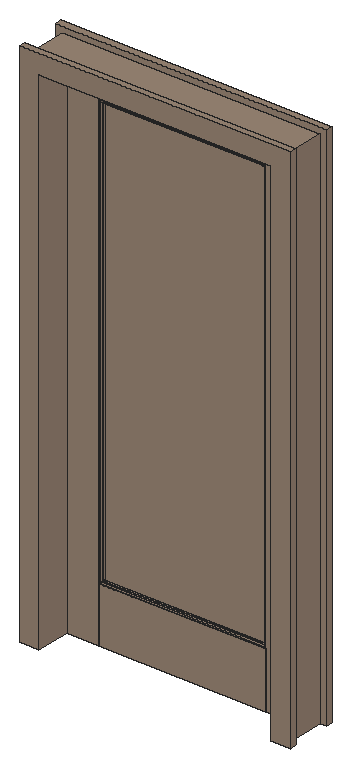
Revit family "Door-Exterior-Simpson-Traditional-Solid_Panel", category Doors, host Wall, Revit 2012
Parameters (values of type "SEE CATALOG")
  Wood Species Note = "Available in Any Wood Species"
  Wood Species = "http://simpsondoor.com/e-catalog/#10"
  WaterBarrier with UltraBlock Technology = no
  WaterBarrier Note = "This Door Comes with The Option of WaterBarrier with UltraBlock Technology. It is Turn Off as a Default"
  UltraBlock Option = yes
  UltraBlock Note = "This Door Comes with The Option of UltraBlock Technology. It is Turn On as a Default"
  URL = "http://www.simpsondoor.com/"
  Top Rail Height = 3 15/16"
  Thickness = 1 3/4"  # constant formula
  Rough Width = Width - (Frame Width * 2)  # 30"
  Rough Height = Height - Frame Width  # 77"
  Product Page URL = "http://www.simpsondoor.com/door-products/exterior/traditional-doors/"
  Product Documentation Link = "http://www.simpsondoor.com/technical-information/detail-drawings/6000/S-6170-102-608.5-0700.pdf"
  Panel Thickness = 3/4"
  Panel Stile Width = 5"
  Panel = Wood - Simpson Doors - Douglas Fir
  Model = "6173"
  Manufacturer = "Simpson Door Company"  # constant formula
  Height = 80"
  Function = 1
  Frame Width = 3"
  Frame = Wood - Simpson Doors - Douglas Fir
  Description = "Door"
  Default Sill Height = 0"  # constant formula
  Wall Closure = (empty or 0)
  Width = 36"
  Bottom Rail Height = 8 11/16"
  Assembly Code = "B2030230"
Values of the unnamed type that differ from the named types
  Wall Closure = By host
Reference planes (in)
  plane 1 "Center (Front/Back)": y = 0
  plane 2: z = 0
  plane 3 "Center (Left/Right)": x = 0
  plane 4 "Left": x = -18
  plane 5 "Right": x = 18
  plane 6 "Sill": z = 0
  plane 7 "Top": z = 80
Lines and regions (in)
  Opening 1
    outline origin (-60, -3, 0) x (1, 0, 0) y (0, 0, 1)
      loop
        line (42, 80) -> (42, 0) -> (78, 0) -> (78, 80) -> (42, 80)
Text (in)
  text "EXTERIOR" at (-58.6888, 50.90694, 0), in view "Ref. Level"
  text "INTERIOR" at (-58.6888, -37.76638, 0), in view "Ref. Level"
  text "Exterior" at (0, 43.65631, 123.19604), in view "Left"
  text "Exterior" at (0, 18.29385, 125.04747), in view "Right"
Dimensions and locks (in)
  equal spacing: plane 4 "Left", plane 3 "Center (Left/Right)", plane 5 "Right"
  "Width": plane 4 "Left" to plane 5 "Right"
  "Height": plane 6 "Sill" to plane 7 "Top"
  "Default Sill Height": plane 2 to plane 6 "Sill"
  aligned and locked: plane 7 "Top" to Opening 1 sketch curve
  aligned and locked: plane 6 "Sill" to Opening 1 sketch curve  (x2)
  aligned and locked: plane 5 "Right" to Opening 1 sketch curve
  aligned and locked: plane 4 "Left" to Opening 1 sketch curve
  aligned and locked: level to plane 2
  aligned and locked: plane 3 "Center (Left/Right)" to nested 1
  aligned and locked: nested 2 to plane 4 "Left"
  aligned and locked: nested 3 to plane 3 "Center (Left/Right)"
  aligned and locked: host wall to nested 1
  aligned and locked: nested 4 to nested 1
  aligned and locked: nested 1 to nested 1
  aligned and locked: plane 6 "Sill" to nested 3
Nested families (in)
  nested 1: "Traditional-Door_Edge" at (0, 2.125, 0), type "Panel"
  nested 2: "Single Swing Door" at (0, 0, 0) x (-1, 0, 0) z (0, 0, 1), type "Swing"
    with Side Offset 5"
  nested 3: "Frame" at (0, 0, 0) x (-1, 0, 0) z (0, 0, 1), type "Standard"
    with Rough Height 82", Function 1, Height 80"
  nested 4: "Traditional-Solid_Panel" at (0, 2.125, 0), type "Panel"
Definition of nested family "Traditional-Door_Edge"
  Parameters (values of type "Panel")
    Width = 36"
    Top Offset = 3 15/16"
    Thickness = 1 3/4"
    Side Offset = 5"
    Panel Material = Wood - Simpson Doors - Douglas Fir
    Height = 80"
    Bottom Offset = 8 11/16"
  Reference planes (in)
    plane 1 "Center (Front/Back)": y = 0
    plane 2 "Bottom": z = 0
    plane 3 "Center (Left/Right)": x = 0
    plane 4: x = -18
    plane 5: y = 0.875
    plane 6: x = 18
    plane 7: y = -0.875
    plane 8: z = 80
    plane 9: x = 13
    plane 10: x = -13
    plane 11: z = 76.0625
    plane 12: y = -0.375
    plane 13: y = 0.375
    plane 14: z = 8.6875
  Forms (in)
    Extrusion 1, solid, material "Wood - Simpson Doors - Douglas Fir" <- "Panel Material"
      sketch origin (0, 0, 0) x (1, 0, 0) y (0, 0, 1)
        loop
          line (-18, 80) -> (-18, 0) -> (-13, 0) -> (-13, 80) -> (-18, 80)
        loop
          line (18, 80) -> (13, 80) -> (13, 0) -> (18, 0) -> (18, 80)
      from -0.875 to 0.875
    Extrusion 2, solid, material "Wood - Simpson Doors - Douglas Fir" <- "Panel Material"
      sketch origin (0, -0.875, 0) x (1, 0, 0) y (0, 0, 1)
        loop
          line (-13, 80) -> (-13, 76.0625) -> (13, 76.0625) -> (13, 80) -> (-13, 80)
        loop
          line (-13, 8.6875) -> (-13, 0) -> (13, 0) -> (13, 8.6875) -> (-13, 8.6875)
      from -1.75 to 0
  Dimensions and locks (in)
    equal spacing: plane 5, plane 1 "Center (Front/Back)", plane 7
    equal spacing: plane 4, plane 3 "Center (Left/Right)", plane 6
    "Width": plane 4 to plane 6
    "Thickness": plane 5 to plane 7
    "Height": plane 8 to level
    "Side Offset": plane 10 to plane 4
    "Top Offset": plane 8 to plane 11
    equal spacing: plane 13, plane 1 "Center (Front/Back)", plane 12
    plane 13 to plane 12 = 3/4"
    "Bottom Offset": plane 14 to plane 2 "Bottom"
    "Side Offset": plane 6 to plane 9
    aligned and locked: plane 2 "Bottom" to level
    aligned and locked: Extrusion 1 sketch curve to plane 4
    aligned and locked: Extrusion 1 sketch curve to plane 6
    aligned and locked: Extrusion 1 sketch curve to level  (x2)
    aligned and locked: Extrusion 1 sketch curve to plane 8  (x2)
    aligned and locked: plane 5 to Extrusion 1
    aligned and locked: Extrusion 1 to plane 7
    aligned and locked: Extrusion 1 to plane 9
    aligned and locked: Extrusion 2 sketch curve to Extrusion 1  (x2)
    aligned and locked: Extrusion 1 to Extrusion 2 sketch curve  (x2)
    aligned and locked: plane 11 to Extrusion 2 sketch curve
    aligned and locked: Extrusion 2 sketch curve to plane 9
    aligned and locked: Extrusion 2 sketch curve to plane 14
    aligned and locked: plane 10 to Extrusion 2 sketch curve
    aligned and locked: plane 5 to Extrusion 2
    aligned and locked: Extrusion 2 to plane 7
  Automatic sketch dimensions
    Extrusion 1 sketch curve to plane 10 = 0"
    Extrusion 1 sketch curve to plane 9 = 0"
Definition of nested family "Frame"
  Parameters (values of type "Standard")
    Rough Width = Width + 4"  # 40"
    Rough Height = Height + 2"  # 86"
    Function = (empty or 0)
    Frame Projection Ext. = 1"
    Frame Projection Int. = Frame Projection Ext.  # 1"
    Frame Width = 3"
    Height = 84"
    Wall Closure = (empty or 0)
    Width = 36"
    Frame = none
  Reference planes (in)
    plane 1 "Center (Front/Back)": y = 0
    plane 2 "Center (Left/Right)": x = 0
    plane 3 "Left": x = -18
    plane 4 "Right": x = 18
    plane 5 "Top": z = 84
    plane 6 "Exterior": y = 3
    plane 7 "Interior": y = -3
    plane 8: x = -21
    plane 9: x = 21
    plane 10: x = -20
    plane 11: x = 20
    plane 12: z = 86
    plane 13 "Bottom": z = 0
  Forms (in)
    Extrusion 1, solid, material <- "Frame"
      sketch origin (-90, 3, 0) x (-1, 0, 0) y (0, 0, 1)
        loop
          line (-108, 84) -> (-72, 84) -> (-72, 0) -> (-69, 0) -> (-69, 87) -> (-111, 87) -> (-111, 0) -> (-108, 0) -> (-108, 84)
      from 0 to 1
    Extrusion 2, solid, material <- "Frame"
      sketch origin (-90, -3, 0) x (1, 0, 0) y (0, 0, 1)
        loop
          line (72, 0) -> (72, 84) -> (108, 84) -> (108, 0) -> (111, 0) -> (111, 87) -> (69, 87) -> (69, 0) -> (72, 0)
      from 0 to 1
    Sweep 3, solid, material <- "Frame"
      path in 3D
        loop
          line (18, 4, 0) -> (18, 4, 84) -> (-18, 4, 84) -> (-18, 4, 0)
      profile origin (-18, 4, 42) x (1, 0, 0) y (0, 1, 0)
        loop
          line (0, -7) -> (0, -1) -> (-2, -1) -> (-2, -7) -> (0, -7)
  Cuts and joins
    joined: Extrusion 1, Extrusion 2, Sweep 3
  Lines and regions (in)
    Opening 1
      outline origin (-90, -3, 0) x (1, 0, 0) y (0, 0, 1)
        loop
          line (70, 0) -> (110, 0) -> (110, 86) -> (70, 86) -> (70, 0)
    Masking region 1, detail levels medium+fine
      outline origin (0, 0, 0) x (1, 0, 0) y (0, 1, 0)
        loop
          line (-18, 4) -> (-21, 4) -> (-21, 3) -> (-20, 3) -> (-20, -3) -> (-21, -3) -> (-21, -4) -> (-18, -4) -> (-18, 4)
        loop
          line (21, 4) -> (18, 4) -> (18, -4) -> (21, -4) -> (21, -3) -> (20, -3) -> (20, 3) -> (21, 3) -> (21, 4)
    Masking region 2, detail levels coarse
      outline origin (0, 0, 0) x (1, 0, 0) y (0, 1, 0)
        loop
          line (-18, 3) -> (-20, 3) -> (-20, -3) -> (-18, -3) -> (-18, 3)
        loop
          line (20, 3) -> (18, 3) -> (18, -3) -> (20, -3) -> (20, 3)
    sketch lines
      curve 1: line (-18, 4, 84) -> (-18, 4, 0)
      curve 2: line (18, 4, 84) -> (-18, 4, 84)
      curve 3: line (18, 4, 0) -> (18, 4, 84)
  Text (in)
    text "Exterior" at (-74.96733, 27.31104, 0), in view "Ref. Level"
    text "Interior" at (-74.96733, -25.14366, 0), in view "Ref. Level"
    text "Exterior" at (0, 40.15149, 123.01588), in view "Right"
    text "Interior" at (0, -64.39139, 123.01588), in view "Right"
    text "Interior" at (0, -31.01599, 123.00693), in view "Left"
    text "Exterior" at (0, 54.57065, 123.00693), in view "Left"
  Dimensions and locks (in)
    equal spacing: plane 3 "Left", plane 2 "Center (Left/Right)", plane 4 "Right"
    "Height": level to plane 5 "Top"
    "Frame Width": Extrusion 2 sketch curve to plane 3 "Left"
    "Frame Width": Extrusion 2 sketch curve to plane 4 "Right"
    "Frame Width": Extrusion 2 sketch curve to plane 5 "Top"
    "Frame Width": Extrusion 1 sketch curve to Extrusion 1 sketch curve  (x2)
    "Frame Width": Extrusion 1 sketch curve to plane 5 "Top"
    host wall to plane 5 "Top" = 84"
    "Frame Projection Int.": Extrusion 2 to host wall
    "Frame Projection Ext.": Extrusion 1 to host wall
    "Width": plane 3 "Left" to plane 4 "Right"
    "Frame Width": plane 8 to plane 3 "Left"
    "Frame Width": plane 4 "Right" to plane 9
    equal spacing: plane 10, plane 2 "Center (Left/Right)", plane 11
    "Rough Width": plane 10 to plane 11
    "Rough Height": level to plane 12
    aligned and locked: Opening 1 sketch curve to level
    aligned and locked: plane 5 "Top" to Extrusion 1 sketch curve  (x2)
    aligned and locked: plane 3 "Left" to Extrusion 1 sketch curve
    aligned and locked: Extrusion 1 sketch curve to plane 3 "Left"
    aligned and locked: level to Extrusion 1 sketch curve
    aligned and locked: plane 4 "Right" to Extrusion 1 sketch curve
    aligned and locked: Extrusion 1 to host wall
    aligned and locked: plane 3 "Left" to Extrusion 2 sketch curve
    aligned and locked: plane 5 "Top" to Extrusion 2 sketch curve  (x2)
    aligned and locked: plane 4 "Right" to Extrusion 2 sketch curve  (x2)
    aligned and locked: level to Extrusion 2 sketch curve
    aligned and locked: Extrusion 2 sketch curve to level
    aligned and locked: Extrusion 2 to host wall
    aligned and locked: plane 6 "Exterior" to host wall
    aligned and locked: plane 7 "Interior" to host wall
    aligned and locked: Opening 1 sketch curve to plane 11
    aligned and locked: plane 10 to Opening 1 sketch curve
    aligned and locked: Opening 1 sketch curve to plane 12
    aligned and locked: Sweep 3 sketch curve to plane 7 "Interior"
    aligned and locked: plane 13 "Bottom" to level
    aligned and locked: cut or joined group of Extrusion 1, Extrusion 2, Sweep 3 to Masking region 1 sketch curve  (x2)
    aligned and locked: Masking region 1 sketch curve to plane 3 "Left"
    aligned and locked: Masking region 1 sketch curve to plane 8  (x2)
    aligned and locked: Masking region 1 sketch curve to cut or joined group of Extrusion 1, Extrusion 2, Sweep 3  (x2)
    aligned and locked: Masking region 1 sketch curve to plane 7 "Interior"  (x2)
    aligned and locked: Masking region 1 sketch curve to plane 10
    aligned and locked: Masking region 1 sketch curve to plane 6 "Exterior"  (x2)
    aligned and locked: Masking region 1 sketch curve to plane 4 "Right"
    aligned and locked: plane 9 to Masking region 1 sketch curve  (x2)
    aligned and locked: plane 11 to Masking region 1 sketch curve
    aligned and locked: Masking region 2 sketch curve to plane 6 "Exterior"  (x2)
    aligned and locked: Masking region 2 sketch curve to plane 7 "Interior"  (x2)
    aligned and locked: Masking region 2 sketch curve to plane 3 "Left"
    aligned and locked: Masking region 2 sketch curve to plane 10
    aligned and locked: Masking region 2 sketch curve to plane 4 "Right"
    aligned and locked: plane 11 to Masking region 2 sketch curve
  Automatic sketch dimensions
    Extrusion 1 sketch curve to level = 0"
    Extrusion 2 sketch curve to level = 0"
    profile plane to Sweep 3 sketch curve = 1"
    profile plane to Sweep 3 sketch curve = 0"
    Sweep 3 sketch curve to profile plane = 2"
Definition of nested family "Traditional-Solid_Panel"
  Parameters (values of type "Panel")
    Window Width = Width - (Side Offset * 2)  # 26"
    Window Thickness = 3/4"
    Window Height = 18 1/2"
    Width = 36"
    Top Offset = 3 15/16"
    Thickness = 1 3/4"
    Side Offset = 5"
    Panel Material = Wood - Simpson Doors - Douglas Fir
    Insert Height = Height - Top Offset - Bottom Offset  # 67 3/8"
    Height = 80"
    Bottom Offset = 8 11/16"
  Reference planes (in)
    plane 1 "Center (Front/Back)": y = 0
    plane 2 "Bottom": z = 0
    plane 3 "Center (Left/Right)": x = 0
    plane 4: x = -18
    plane 5: y = 0.875
    plane 6: x = 18
    plane 7: y = -0.875
    plane 8: z = 80
    plane 9: x = 13
    plane 10: x = -13
    plane 11: z = 76.0625
    plane 12: y = -0.375
    plane 13: y = 0.375
    plane 14: z = 8.6875
  Forms (in)
    Extrusion 1, solid, material "Wood - Simpson Doors - Douglas Fir" <- "Panel Material"
      sketch origin (0, 0, 0) x (1, 0, 0) y (0, 0, 1)
        loop
          line (-13, 76.0625) -> (-13, 8.6875) -> (13, 8.6875) -> (13, 76.0625) -> (-13, 76.0625)
      from -0.375 to 0.375
    Sweep 2, solid, material "Wood - Simpson Doors - Douglas Fir" <- "Panel Material", detail levels medium+fine
      path origin (0, 0, 0) x (1, 0, 0) y (0, 0, 1)
        loop
          line (-13, 76.0625) -> (-13, 8.6875) -> (13, 8.6875) -> (13, 76.0625) -> (-13, 76.0625)
      profile "Traditional-Edge_Detail : Edge" origin (0, 0, 76.0625) x (0, 0, 1) y (0, -1, 0)
        loop
          line (-0.5, -0.375) -> (-0.49011, -0.48805)
          arc (-0.49011, -0.48805) -> (-0.46951, -0.53378) -> (-0.42492, -0.55675) r 0.07606
          line (-0.42492, -0.55675) -> (-0.37471, -0.5638)
          arc (-0.37471, -0.5638) -> (-0.33618, -0.68241) -> (-0.22747, -0.7435) r 0.17139
          line (-0.22747, -0.7435) -> (0, -0.77547) -> (0, -0.375) -> (-0.5, -0.375)
    Sweep 3, solid, material "Wood - Simpson Doors - Douglas Fir" <- "Panel Material", detail levels medium+fine
      path origin (0, 0, 0) x (1, 0, 0) y (0, 0, -1)
        loop
          line (-13, -76.0625) -> (13, -76.0625) -> (13, -8.6875) -> (-13, -8.6875) -> (-13, -76.0625)
      profile "Traditional-Edge_Detail : Edge" origin (0, 0, 76.0625) x (0, 0, -1) y (0, 1, 0)
        loop
          line (0.5, -0.375) -> (0, -0.375) -> (0, -0.77547) -> (0.22747, -0.7435)
          arc (0.22747, -0.7435) -> (0.33618, -0.68241) -> (0.37471, -0.5638) r 0.17139
          line (0.37471, -0.5638) -> (0.42492, -0.55675)
          arc (0.42492, -0.55675) -> (0.46951, -0.53378) -> (0.49011, -0.48805) r 0.07606
          line (0.49011, -0.48805) -> (0.5, -0.375)
  Dimensions and locks (in)
    equal spacing: plane 5, plane 1 "Center (Front/Back)", plane 7
    equal spacing: plane 4, plane 3 "Center (Left/Right)", plane 6
    "Width": plane 4 to plane 6
    "Thickness": plane 5 to plane 7
    "Height": plane 8 to level
    "Side Offset": plane 10 to plane 4
    "Top Offset": plane 8 to plane 11
    "Window Width": plane 9 to plane 10
    equal spacing: plane 13, plane 1 "Center (Front/Back)", plane 12
    "Window Thickness": plane 13 to plane 12
    "Bottom Offset": plane 14 to plane 2 "Bottom"
    aligned and locked: plane 2 "Bottom" to level
    aligned and locked: Extrusion 1 sketch curve to plane 11
    aligned and locked: Extrusion 1 to plane 9
    aligned and locked: Extrusion 1 to plane 12
    aligned and locked: Extrusion 1 to plane 13
    aligned and locked: Sweep 2 sketch curve to Extrusion 1  (x4)
    aligned and locked: plane 9 to Sweep 3 sketch curve
    aligned and locked: plane 11 to Sweep 3 sketch curve
    aligned and locked: Sweep 3 sketch curve to plane 10
    aligned and locked: Sweep 3 sketch curve to plane 14
  Automatic sketch dimensions
    Extrusion 1 sketch curve to plane 10 = 0"
    Extrusion 1 sketch curve to plane 9 = 0"
    Extrusion 1 sketch curve to plane 14 = 0"
Definition of nested family "Single Swing Door"
  Parameters (values of type "Swing")
    Width = 36"
    Thickness = 1 3/4"
    Side Offset = 8"
    Height = 80"
    Frame Projection Ext. = 1"
    Frame Projection Int. = 1"
    Frame Width = 3"
    Wall Closure = (empty or 0)
  Reference planes (in)
    plane 1 "Center (Front/Back)": y = 0
    plane 2 "Center (Left/Right)": x = 0
    plane 3 "Left": x = -18
    plane 4 "Right": x = 18
    plane 5 "Top": z = 80
    plane 6 "Exterior": y = 3
    plane 7 "Interior": y = -3
    plane 8 "Outside Interior": y = -4
  Lines and regions (in)
    symbolic lines, style "DoorsPanelProjection"
      curve 1: line (18, -3, 0) -> (18, -39, 0)
      curve 2: line (18, -39, 0) -> (16.25, -39, 0)
      curve 3: line (16.25, -39, 0) -> (16.25, -3, 0)
    symbolic lines
      curve 4: line (16.25, -3, 0) -> (18, -3, 0)
    symbolic lines, style "Plan Swing"
      curve 5: arc (18, -39, 0) -> (-7.45584, -28.45584, 0) -> (-18, -3, 0) r 36
    symbolic lines, style "Elevation Swing"
      curve 6: line (18, 3, 40) -> (-18, 3, 80)
      curve 7: line (-18, 3, 0) -> (18, 3, 40)
      curve 8: line (18, -4, 40) -> (-18, -4, 80)
      curve 9: line (-18, -4, 0) -> (18, -4, 40)
    symbolic lines, style "DoorsGlassProjection", detail levels medium+fine
      curve 10: line (16.25, -31, 0) -> (18, -31, 0)
      curve 11: line (16.25, -11, 0) -> (18, -11, 0)
      curve 12: line (17.125, -11, 0) -> (17.125, -31, 0)
  Text (in)
    text "Exterior" at (-74.96733, 27.31104, 0), in view "Ref. Level"
    text "Interior" at (-74.96733, -25.14366, 0), in view "Ref. Level"
    text "Exterior" at (0, 40.15149, 123.01588), in view "Right"
    text "Interior" at (0, -64.39139, 123.01588), in view "Right"
    text "Interior" at (0, -31.01599, 123.00693), in view "Left"
    text "Exterior" at (0, 54.57065, 123.00693), in view "Left"
  Dimensions and locks (in)
    equal spacing: plane 3 "Left", plane 2 "Center (Left/Right)", plane 4 "Right"
    "Height": level to plane 5 "Top"
    "Width": plane 3 "Left" to plane 4 "Right"
    equal spacing: host wall, curve 7, plane 5 "Top"
    "Width": curve 2 to plane 7 "Interior"
    "Thickness": curve 3 to curve 1
    equal spacing: plane 5 "Top", curve 9, level
    locked: plane 8 "Outside Interior" to plane 7 "Interior" at 1
    "Side Offset": curve 10 to curve 2
    "Side Offset": curve 11 to host wall
    aligned and locked: plane 6 "Exterior" to host wall
    aligned and locked: plane 7 "Interior" to host wall
    aligned and locked: plane 7 "Interior" to curve 4
    aligned and locked: plane 7 "Interior" to curve 5
    aligned and locked: plane 4 "Right" to curve 5
    aligned and locked: plane 4 "Right" to curve 6
    aligned and locked: plane 3 "Left" to curve 6
    aligned and locked: plane 5 "Top" to curve 6
    aligned and locked: level to curve 7
    aligned and locked: plane 3 "Left" to curve 7
    aligned and locked: curve 11 to curve 12
    aligned and locked: curve 10 to curve 12
    aligned and locked: curve 3 to curve 11
    aligned and locked: curve 1 to curve 11
  Automatic sketch dimensions
    curve 9 to level = 0"
    plane 3 "Left" to curve 8 = 0"
    curve 8 to plane 5 "Top" = 0"
    plane 4 "Right" to curve 9 = 0"
    plane 3 "Left" to curve 9 = 0"
    curve 10 to curve 12 = 7/8"
Types in the file's own list only (72): name | Top Rail Height | Rough Width | Rough Height | Product Documentation Link | Panel Thickness | Panel Stile Width | Model | Height | Function | Description | Wall Closure | Width | Bottom Rail Height
  20 Traditional 12x80 | 4 1/16" | 6" | 77" | "http://www.simpsondoor.com/door-products/search/detail/?BaseSpecificationID=2332" | 5/8" | 4 1/8" | "20" | 80" | Exterior | "Traditional - Single Panel" | By host | 12" | 8 13/16"
  20 Traditional 12x84 | 6 1/16" | 6" | 81" | "http://www.simpsondoor.com/door-products/search/detail/?BaseSpecificationID=2332" | 5/8" | 4 1/8" | "20" | 84" | Exterior | "Traditional - Single Panel" | By host | 12" | 10 13/16"
  20 Traditional 12x96 | 4 1/16" | 6" | 93" | "http://www.simpsondoor.com/door-products/search/detail/?BaseSpecificationID=2332" | 5/8" | 4 1/8" | "20" | 96" | Exterior | "Traditional - Single Panel" | By host | 12" | 8 13/16"
  20 Traditional 22x80 | 4 1/16" | 16" | 77" | "http://www.simpsondoor.com/door-products/search/detail/?BaseSpecificationID=2332" | 5/8" | 4 1/8" | "20" | 80" | Exterior | "Traditional - Single Panel" | By host | 22" | 8 13/16"
  20 Traditional 22x84 | 6 1/16" | 16" | 81" | "http://www.simpsondoor.com/door-products/search/detail/?BaseSpecificationID=2332" | 5/8" | 4 1/8" | "20" | 84" | Exterior | "Traditional - Single Panel" | By host | 22" | 10 13/16"
  20 Traditional 22x96 | 4 1/16" | 16" | 93" | "http://www.simpsondoor.com/door-products/search/detail/?BaseSpecificationID=2332" | 5/8" | 4 1/8" | "20" | 96" | Exterior | "Traditional - Single Panel" | By host | 22" | 8 13/16"
  20 Traditional 24x80 | 4 1/16" | 18" | 77" | "http://www.simpsondoor.com/door-products/search/detail/?BaseSpecificationID=2332" | 5/8" | 4 1/8" | "20" | 80" | Exterior | "Traditional - Single Panel" | By host | 24" | 8 13/16"
  20 Traditional 24x84 | 6 1/16" | 18" | 81" | "http://www.simpsondoor.com/door-products/search/detail/?BaseSpecificationID=2332" | 5/8" | 4 1/8" | "20" | 84" | Exterior | "Traditional - Single Panel" | By host | 24" | 10 13/16"
  20 Traditional 24x96 | 4 1/16" | 18" | 93" | "http://www.simpsondoor.com/door-products/search/detail/?BaseSpecificationID=2332" | 5/8" | 4 1/8" | "20" | 96" | Exterior | "Traditional - Single Panel" | By host | 24" | 8 13/16"
  20 Traditional 26x80 | 4 1/16" | 20" | 77" | "http://www.simpsondoor.com/door-products/search/detail/?BaseSpecificationID=2332" | 5/8" | 4 1/8" | "20" | 80" | Exterior | "Traditional - Single Panel" | By host | 26" | 8 13/16"
  20 Traditional 26x84 | 6 1/16" | 20" | 81" | "http://www.simpsondoor.com/door-products/search/detail/?BaseSpecificationID=2332" | 5/8" | 4 1/8" | "20" | 84" | Exterior | "Traditional - Single Panel" | By host | 26" | 10 13/16"
  20 Traditional 26x96 | 4 1/16" | 20" | 93" | "http://www.simpsondoor.com/door-products/search/detail/?BaseSpecificationID=2332" | 5/8" | 4 1/8" | "20" | 96" | Exterior | "Traditional - Single Panel" | By host | 26" | 8 13/16"
  20 Traditional 28x80 | 4 1/16" | 22" | 77" | "http://www.simpsondoor.com/door-products/search/detail/?BaseSpecificationID=2332" | 5/8" | 4 1/8" | "20" | 80" | Exterior | "Traditional - Single Panel" | By host | 28" | 8 13/16"
  20 Traditional 28x84 | 6 1/16" | 22" | 81" | "http://www.simpsondoor.com/door-products/search/detail/?BaseSpecificationID=2332" | 5/8" | 4 1/8" | "20" | 84" | Exterior | "Traditional - Single Panel" | By host | 28" | 10 13/16"
  20 Traditional 28x96 | 4 1/16" | 22" | 93" | "http://www.simpsondoor.com/door-products/search/detail/?BaseSpecificationID=2332" | 5/8" | 4 1/8" | "20" | 96" | Exterior | "Traditional - Single Panel" | By host | 28" | 8 13/16"
  20 Traditional 30x80 | 4 1/16" | 24" | 77" | "http://www.simpsondoor.com/door-products/search/detail/?BaseSpecificationID=2332" | 5/8" | 4 1/8" | "20" | 80" | Exterior | "Traditional - Single Panel" | By host | 30" | 8 13/16"
  20 Traditional 30x84 | 6 1/16" | 24" | 81" | "http://www.simpsondoor.com/door-products/search/detail/?BaseSpecificationID=2332" | 5/8" | 4 1/8" | "20" | 84" | Exterior | "Traditional - Single Panel" | By host | 30" | 10 13/16"
  20 Traditional 30x96 | 4 1/16" | 24" | 93" | "http://www.simpsondoor.com/door-products/search/detail/?BaseSpecificationID=2332" | 5/8" | 4 1/8" | "20" | 96" | Exterior | "Traditional - Single Panel" | By host | 30" | 8 13/16"
  20 Traditional 32x80 | 4 1/16" | 26" | 77" | "http://www.simpsondoor.com/door-products/search/detail/?BaseSpecificationID=2332" | 5/8" | 4 1/8" | "20" | 80" | Exterior | "Traditional - Single Panel" | By host | 32" | 8 13/16"
  20 Traditional 32x84 | 6 1/16" | 26" | 81" | "http://www.simpsondoor.com/door-products/search/detail/?BaseSpecificationID=2332" | 5/8" | 4 1/8" | "20" | 84" | Exterior | "Traditional - Single Panel" | By host | 32" | 10 13/16"
  20 Traditional 32x96 | 4 1/16" | 26" | 93" | "http://www.simpsondoor.com/door-products/search/detail/?BaseSpecificationID=2332" | 5/8" | 4 1/8" | "20" | 96" | Exterior | "Traditional - Single Panel" | By host | 32" | 8 13/16"
  20 Traditional 34x80 | 4 1/16" | 28" | 77" | "http://www.simpsondoor.com/door-products/search/detail/?BaseSpecificationID=2332" | 5/8" | 4 1/8" | "20" | 80" | Exterior | "Traditional - Single Panel" | By host | 34" | 8 13/16"
  20 Traditional 34x84 | 6 1/16" | 28" | 81" | "http://www.simpsondoor.com/door-products/search/detail/?BaseSpecificationID=2332" | 5/8" | 4 1/8" | "20" | 84" | Exterior | "Traditional - Single Panel" | By host | 34" | 10 13/16"
  20 Traditional 34x96 | 4 1/16" | 28" | 93" | "http://www.simpsondoor.com/door-products/search/detail/?BaseSpecificationID=2332" | 5/8" | 4 1/8" | "20" | 96" | Exterior | "Traditional - Single Panel" | By host | 34" | 8 13/16"
  20 Traditional 36x80 | 4 1/16" | 30" | 77" | "http://www.simpsondoor.com/door-products/search/detail/?BaseSpecificationID=2332" | 5/8" | 4 1/8" | "20" | 80" | Exterior | "Traditional - Single Panel" | By host | 36" | 8 13/16"
  20 Traditional 36x84 | 6 1/16" | 30" | 81" | "http://www.simpsondoor.com/door-products/search/detail/?BaseSpecificationID=2332" | 5/8" | 4 1/8" | "20" | 84" | Exterior | "Traditional - Single Panel" | By host | 36" | 10 13/16"
  20 Traditional 36x96 | 4 1/16" | 30" | 93" | "http://www.simpsondoor.com/door-products/search/detail/?BaseSpecificationID=2332" | 5/8" | 4 1/8" | "20" | 96" | Exterior | "Traditional - Single Panel" | By host | 36" | 8 13/16"
  20 Traditional 38x80 | 4 1/16" | 32" | 77" | "http://www.simpsondoor.com/door-products/search/detail/?BaseSpecificationID=2332" | 5/8" | 4 1/8" | "20" | 80" | Exterior | "Traditional - Single Panel" | By host | 38" | 8 13/16"
  20 Traditional 38x84 | 6 1/16" | 32" | 81" | "http://www.simpsondoor.com/door-products/search/detail/?BaseSpecificationID=2332" | 5/8" | 4 1/8" | "20" | 84" | Exterior | "Traditional - Single Panel" | By host | 38" | 10 13/16"
  20 Traditional 38x96 | 4 1/16" | 32" | 93" | "http://www.simpsondoor.com/door-products/search/detail/?BaseSpecificationID=2332" | 5/8" | 4 1/8" | "20" | 96" | Exterior | "Traditional - Single Panel" | By host | 38" | 8 13/16"
  20 Traditional 40x80 | 4 1/16" | 34" | 77" | "http://www.simpsondoor.com/door-products/search/detail/?BaseSpecificationID=2332" | 5/8" | 4 1/8" | "20" | 80" | Exterior | "Traditional - Single Panel" | By host | 40" | 8 13/16"
  20 Traditional 40x84 | 6 1/16" | 34" | 81" | "http://www.simpsondoor.com/door-products/search/detail/?BaseSpecificationID=2332" | 5/8" | 4 1/8" | "20" | 84" | Exterior | "Traditional - Single Panel" | By host | 40" | 10 13/16"
  20 Traditional 40x96 | 4 1/16" | 34" | 93" | "http://www.simpsondoor.com/door-products/search/detail/?BaseSpecificationID=2332" | 5/8" | 4 1/8" | "20" | 96" | Exterior | "Traditional - Single Panel" | By host | 40" | 8 13/16"
  20 Traditional 42x80 | 4 1/16" | 36" | 77" | "http://www.simpsondoor.com/door-products/search/detail/?BaseSpecificationID=2332" | 5/8" | 4 1/8" | "20" | 80" | Exterior | "Traditional - Single Panel" | By host | 42" | 8 13/16"
  20 Traditional 42x84 | 6 1/16" | 36" | 81" | "http://www.simpsondoor.com/door-products/search/detail/?BaseSpecificationID=2332" | 5/8" | 4 1/8" | "20" | 84" | Exterior | "Traditional - Single Panel" | By host | 42" | 10 13/16"
  20 Traditional 42x96 | 4 1/16" | 36" | 93" | "http://www.simpsondoor.com/door-products/search/detail/?BaseSpecificationID=2332" | 5/8" | 4 1/8" | "20" | 96" | Exterior | "Traditional - Single Panel" | By host | 42" | 8 13/16"
  7220 Traditional 12x80 | 3 15/16" | 6" | 77" | "http://www.simpsondoor.com/door-products/search/detail/?BaseSpecificationID=889" | 3/4" | 4" | "7220" | 80" | Exterior | "Traditional - Single Panel" | By host | 12" | 8 11/16"
  7220 Traditional 12x84 | 5 15/16" | 6" | 81" | "http://www.simpsondoor.com/door-products/search/detail/?BaseSpecificationID=889" | 3/4" | 4" | "7220" | 84" | Exterior | "Traditional - Single Panel" | By host | 12" | 10 11/16"
  7220 Traditional 12x96 | 3 15/16" | 6" | 93" | "http://www.simpsondoor.com/door-products/search/detail/?BaseSpecificationID=889" | 3/4" | 4" | "7220" | 96" | Exterior | "Traditional - Single Panel" | By host | 12" | 8 11/16"
  7220 Traditional 22x80 | 3 15/16" | 16" | 77" | "http://www.simpsondoor.com/door-products/search/detail/?BaseSpecificationID=889" | 3/4" | 4" | "7220" | 80" | Exterior | "Traditional - Single Panel" | By host | 22" | 8 11/16"
  7220 Traditional 22x84 | 5 15/16" | 16" | 81" | "http://www.simpsondoor.com/door-products/search/detail/?BaseSpecificationID=889" | 3/4" | 4" | "7220" | 84" | Exterior | "Traditional - Single Panel" | By host | 22" | 10 11/16"
  7220 Traditional 22x96 | 3 15/16" | 16" | 93" | "http://www.simpsondoor.com/door-products/search/detail/?BaseSpecificationID=889" | 3/4" | 4" | "7220" | 96" | Exterior | "Traditional - Single Panel" | By host | 22" | 8 11/16"
  7220 Traditional 24x80 | 3 15/16" | 18" | 77" | "http://www.simpsondoor.com/door-products/search/detail/?BaseSpecificationID=889" | 3/4" | 4" | "7220" | 80" | Exterior | "Traditional - Single Panel" | By host | 24" | 8 11/16"
  7220 Traditional 24x84 | 5 15/16" | 18" | 81" | "http://www.simpsondoor.com/door-products/search/detail/?BaseSpecificationID=889" | 3/4" | 4" | "7220" | 84" | Exterior | "Traditional - Single Panel" | By host | 24" | 10 11/16"
  7220 Traditional 24x96 | 3 15/16" | 18" | 93" | "http://www.simpsondoor.com/door-products/search/detail/?BaseSpecificationID=889" | 3/4" | 4" | "7220" | 96" | Exterior | "Traditional - Single Panel" | By host | 24" | 8 11/16"
  7220 Traditional 26x80 | 3 15/16" | 20" | 77" | "http://www.simpsondoor.com/door-products/search/detail/?BaseSpecificationID=889" | 3/4" | 4" | "7220" | 80" | Exterior | "Traditional - Single Panel" | By host | 26" | 8 11/16"
  7220 Traditional 26x84 | 5 15/16" | 20" | 81" | "http://www.simpsondoor.com/door-products/search/detail/?BaseSpecificationID=889" | 3/4" | 4" | "7220" | 84" | Exterior | "Traditional - Single Panel" | By host | 26" | 10 11/16"
  7220 Traditional 26x96 | 3 15/16" | 20" | 93" | "http://www.simpsondoor.com/door-products/search/detail/?BaseSpecificationID=889" | 3/4" | 4" | "7220" | 96" | Exterior | "Traditional - Single Panel" | By host | 26" | 8 11/16"
  7220 Traditional 28x80 | 3 15/16" | 22" | 77" | "http://www.simpsondoor.com/door-products/search/detail/?BaseSpecificationID=889" | 3/4" | 4" | "7220" | 80" | Exterior | "Traditional - Single Panel" | By host | 28" | 8 11/16"
  7220 Traditional 28x84 | 5 15/16" | 22" | 81" | "http://www.simpsondoor.com/door-products/search/detail/?BaseSpecificationID=889" | 3/4" | 4" | "7220" | 84" | Exterior | "Traditional - Single Panel" | By host | 28" | 10 11/16"
  7220 Traditional 28x96 | 3 15/16" | 22" | 93" | "http://www.simpsondoor.com/door-products/search/detail/?BaseSpecificationID=889" | 3/4" | 4" | "7220" | 96" | Exterior | "Traditional - Single Panel" | By host | 28" | 8 11/16"
  7220 Traditional 30x80 | 3 15/16" | 24" | 77" | "http://www.simpsondoor.com/door-products/search/detail/?BaseSpecificationID=889" | 3/4" | 4" | "7220" | 80" | Exterior | "Traditional - Single Panel" | By host | 30" | 8 11/16"
  7220 Traditional 30x84 | 5 15/16" | 24" | 81" | "http://www.simpsondoor.com/door-products/search/detail/?BaseSpecificationID=889" | 3/4" | 4" | "7220" | 84" | Exterior | "Traditional - Single Panel" | By host | 30" | 10 11/16"
  7220 Traditional 30x96 | 3 15/16" | 24" | 93" | "http://www.simpsondoor.com/door-products/search/detail/?BaseSpecificationID=889" | 3/4" | 4" | "7220" | 96" | Exterior | "Traditional - Single Panel" | By host | 30" | 8 11/16"
  7220 Traditional 32x80 | 3 15/16" | 26" | 77" | "http://www.simpsondoor.com/door-products/search/detail/?BaseSpecificationID=889" | 3/4" | 4" | "7220" | 80" | Exterior | "Traditional - Single Panel" | By host | 32" | 8 11/16"
  7220 Traditional 32x84 | 5 15/16" | 26" | 81" | "http://www.simpsondoor.com/door-products/search/detail/?BaseSpecificationID=889" | 3/4" | 4" | "7220" | 84" | Exterior | "Traditional - Single Panel" | By host | 32" | 10 11/16"
  7220 Traditional 32x96 | 3 15/16" | 26" | 93" | "http://www.simpsondoor.com/door-products/search/detail/?BaseSpecificationID=889" | 3/4" | 4" | "7220" | 96" | Exterior | "Traditional - Single Panel" | By host | 32" | 8 11/16"
  7220 Traditional 34x80 | 3 15/16" | 28" | 77" | "http://www.simpsondoor.com/door-products/search/detail/?BaseSpecificationID=889" | 3/4" | 4" | "7220" | 80" | Exterior | "Traditional - Single Panel" | By host | 34" | 8 11/16"
  7220 Traditional 34x84 | 5 15/16" | 28" | 81" | "http://www.simpsondoor.com/door-products/search/detail/?BaseSpecificationID=889" | 3/4" | 4" | "7220" | 84" | Exterior | "Traditional - Single Panel" | By host | 34" | 10 11/16"
  7220 Traditional 34x96 | 3 15/16" | 28" | 93" | "http://www.simpsondoor.com/door-products/search/detail/?BaseSpecificationID=889" | 3/4" | 4" | "7220" | 96" | Exterior | "Traditional - Single Panel" | By host | 34" | 8 11/16"
  7220 Traditional 36x80 | 3 15/16" | 30" | 77" | "http://www.simpsondoor.com/door-products/search/detail/?BaseSpecificationID=889" | 3/4" | 4" | "7220" | 80" | Exterior | "Traditional - Single Panel" | By host | 36" | 8 11/16"
  7220 Traditional 36x84 | 5 15/16" | 30" | 81" | "http://www.simpsondoor.com/door-products/search/detail/?BaseSpecificationID=889" | 3/4" | 4" | "7220" | 84" | Exterior | "Traditional - Single Panel" | By host | 36" | 10 11/16"
  7220 Traditional 36x96 | 3 15/16" | 30" | 93" | "http://www.simpsondoor.com/door-products/search/detail/?BaseSpecificationID=889" | 3/4" | 4" | "7220" | 96" | Exterior | "Traditional - Single Panel" | By host | 36" | 8 11/16"
  7220 Traditional 38x80 | 3 15/16" | 32" | 77" | "http://www.simpsondoor.com/door-products/search/detail/?BaseSpecificationID=889" | 3/4" | 4" | "7220" | 80" | Exterior | "Traditional - Single Panel" | By host | 38" | 8 11/16"
  7220 Traditional 38x84 | 5 15/16" | 32" | 81" | "http://www.simpsondoor.com/door-products/search/detail/?BaseSpecificationID=889" | 3/4" | 4" | "7220" | 84" | Exterior | "Traditional - Single Panel" | By host | 38" | 10 11/16"
  7220 Traditional 38x96 | 3 15/16" | 32" | 93" | "http://www.simpsondoor.com/door-products/search/detail/?BaseSpecificationID=889" | 3/4" | 4" | "7220" | 96" | Exterior | "Traditional - Single Panel" | By host | 38" | 8 11/16"
  7220 Traditional 40x80 | 3 15/16" | 34" | 77" | "http://www.simpsondoor.com/door-products/search/detail/?BaseSpecificationID=889" | 3/4" | 4" | "7220" | 80" | Exterior | "Traditional - Single Panel" | By host | 40" | 8 11/16"
  7220 Traditional 40x84 | 5 15/16" | 34" | 81" | "http://www.simpsondoor.com/door-products/search/detail/?BaseSpecificationID=889" | 3/4" | 4" | "7220" | 84" | Exterior | "Traditional - Single Panel" | By host | 40" | 10 11/16"
  7220 Traditional 40x96 | 3 15/16" | 34" | 93" | "http://www.simpsondoor.com/door-products/search/detail/?BaseSpecificationID=889" | 3/4" | 4" | "7220" | 96" | Exterior | "Traditional - Single Panel" | By host | 40" | 8 11/16"
  7220 Traditional 42x80 | 3 15/16" | 36" | 77" | "http://www.simpsondoor.com/door-products/search/detail/?BaseSpecificationID=889" | 3/4" | 4" | "7220" | 80" | Exterior | "Traditional - Single Panel" | By host | 42" | 8 11/16"
  7220 Traditional 42x84 | 5 15/16" | 36" | 81" | "http://www.simpsondoor.com/door-products/search/detail/?BaseSpecificationID=889" | 3/4" | 4" | "7220" | 84" | Exterior | "Traditional - Single Panel" | By host | 42" | 10 11/16"
  7220 Traditional 42x96 | 3 15/16" | 36" | 93" | "http://www.simpsondoor.com/door-products/search/detail/?BaseSpecificationID=889" | 3/4" | 4" | "7220" | 96" | Exterior | "Traditional - Single Panel" | By host | 42" | 8 11/16"
